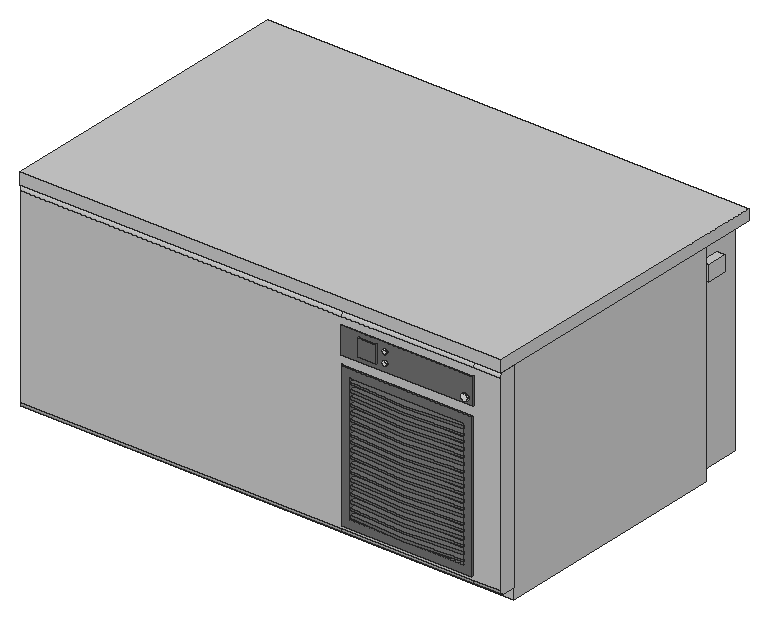
Revit family "QF_HOSHIZAKI_IM-240XWNE-32", category Specialty Equipment, Revit 2016
Family settings
  Part Type = Normal
  Round Connector Dimension = Use Diameter
  OmniClass Number = 23.40.40.14
  OmniClass Title = Food Service Equipment
  Work Plane-Based = No
  Always vertical = Yes
  Cut with Voids When Loaded = No
  Shared = No
  Room Calculation Point = No
Parameters (values of type "IM-240XWNE-32_240V/1Ph/60Hz")
  Weight = 88.00 kg
  Waste Remarks [instance] = ""
  Volts = 240 V
  URL Cutsheet = ""
  URL = "www.hoshizaki-europe.com"
  Status [instance] = ""
  Specification by User [instance] = ""
  Specification by Manufacturer [instance] = ""
  Serial Number = ""
  Seismic Rating = ""
  SMACNA No = ""
  Revision Code [instance] = ""
  Phase = 1
  Number of Poles = 2
  NAFEM Spec ID Number = ""
  Model = "IM-240XWNE-32"
  Min Ckt Ampacity = 0 A
  Max Overcurrent Protection = 0 A
  Masterspec = ""
  Manufacturer = "HOSHIZAKI"
  Length Actual = 1084 mm
  Item Number [instance] = ""
  Installed By [instance] = ""
  Indirect Waste Size = 19.05 mm
  Indirect Waste Connection Type [instance] = ""
  Indirect Waste Connection Height [instance] = 53 mm
  Identify Quantity as Lot [instance] = no
  Height Actual = 500 mm
  HP power = ""
  Furnished By [instance] = ""
  Foodservice Equipment Identifier [instance] = yes
  FL Amps = 20 A
  Electric power = 1330 W
  Electric Connection Type [instance] = ""
  Elec Conn RI Height [instance] = 0 mm
  Elec Conn Connection Height [instance] = 409 mm
  Direct Waste RI Height [instance] = 0 mm
  Description = "MODULAR IM ICE MAKER, 240KG PER 24 HOURS, EXTRA LARGE CUBE, MODULAR - EXTENSION, WATER COOLED"
  Depth Actual = 700 mm
  Cycle = 60 Hz
  Cost = 0
  Conn Plug = ""
  Conn Conduit = no
  Cold Water Temperature Recommended = 0 °C
  Cold Water Size = 19.05 mm
  Cold Water Flow = 0.0 L/s
  Cold Water Connection Height [instance] = 419 mm
  CSI MasterFormat = ""
  Assembly Code = "E1090320"
  Apparent Power = 1330 VA
  Accessory = no
Types (2, lengths in mm): name | Volts | Cycle
  IM-240XWNE-32_230V/1Ph/50Hz | 230 V | 50 Hz
  IM-240XWNE-32_240V/1Ph/60Hz | 240 V | 60 Hz
Reference planes
  plane 1 "Center (Front/Back)": y = 0
  plane 2: z = 0
  plane 3 "Center (Left/Right)": x = 0
Forms (mm)
  Extrusion 1, solid, not visible
    sketch origin (-16, -65, 418) x (1, 0, 0) y (0, 1, 0)
      loop
        line (0, 0) -> (2, 0) -> (2, 2) -> (0, 2) -> (0, 0)
    from 0 to 2
  Extrusion 2, solid, not visible
    sketch origin (-16, -213, 52) x (1, 0, 0) y (0, 1, 0)
      loop
        line (0, 0) -> (2, 0) -> (2, 2) -> (0, 2) -> (0, 0)
    from 0 to 2
  Extrusion 3, solid, not visible
    sketch origin (1073, -77, 408) x (1, 0, 0) y (0, 1, 0)
      loop
        line (0, 0) -> (2, 0) -> (2, 2) -> (0, 2) -> (0, 0)
    from 0 to 2
  Extrusion 4, solid, not visible
    sketch origin (-16, -65, 418) x (1, 0, 0) y (0, 1, 0)
      loop
        line (0, 0) -> (2, 0) -> (2, 2) -> (0, 2) -> (0, 0)
    from 0 to 2
  Extrusion 5, solid, not visible
    sketch origin (-16, -213, 52) x (1, 0, 0) y (0, 1, 0)
      loop
        line (0, 0) -> (2, 0) -> (2, 2) -> (0, 2) -> (0, 0)
    from 0 to 2
  Extrusion 6, solid, not visible
    sketch origin (1073, -77, 408) x (1, 0, 0) y (0, 1, 0)
      loop
        line (0, 0) -> (2, 0) -> (2, 2) -> (0, 2) -> (0, 0)
    from 0 to 2
Dimensions and locks
  aligned and locked: level to plane 2
Nested families
  nested 1: "QF_HOSHIZAKI_IM-240XWNE-32_230V_1Ph_50Hz" at (0, 0, 0), type "IM-240XWNE-32_230V/1Ph/50Hz"
    with Show Clearance yes
Connectors
  piping at (-15, -63, 419), diameter 19.05, driven by "Cold Water Size", driven by "Cold Water Flow"
    settings: on Extrusion 1, index 1, connector inside diameter 609.6 mm, connector length 0 mm, flow factor 0, pipe flow 0.0 L/s, pressure drop 0.0 Pa, fitting loss kfactor 0, connector angle 0.00°, fixture units 0, engagement length 0 mm, angle of deflection 0.00°, flow configuration 1, flow direction 1, fitting loss method 0, system type 20, joint type 0, gender type 0, connector reference index -1, connector utility 0, adjustable connector no, is connector primary yes, connector description "Cold Water connection for 'IM-240XWNE-32'"
  piping at (-15, -211, 53), diameter 19.05, driven by "Indirect Waste Size"
    settings: on Extrusion 2, index 2, connector inside diameter 609.6 mm, connector length 0 mm, flow factor 0, pipe flow 0.0 L/s, pressure drop 0.0 Pa, fitting loss kfactor 0, connector angle 0.00°, fixture units 0, engagement length 0 mm, angle of deflection 0.00°, flow configuration 1, flow direction 2, fitting loss method 0, system type 16, joint type 0, gender type 0, connector reference index -1, connector utility 0, adjustable connector no, is connector primary no, connector description "Drain connection for 'IM-240XWNE-32'"
  electrical at (1074, -75, 409), driven by "Apparent Power", driven by "Number of Poles", driven by "Volts"
    settings: on Extrusion 3, index 3, voltage 240 V, apparent load 0 VA, apparent load phase1 1330 VA, apparent load phase2 0 VA, apparent load phase3 0 VA, power factor 1, load classification "Other", number of poles 2, system type 31, power factor state 1, is connector primary yes, connector utility no, sub classification motor no, connector description "Electric connection for 'IM-240XWNE-32'"
  piping at (-15, -63, 419), diameter 19.05, driven by "Cold Water Size", driven by "Cold Water Flow"
    settings: on Extrusion 4, index 4, connector inside diameter 609.6 mm, connector length 0 mm, flow factor 0, pipe flow 0.0 L/s, pressure drop 0.0 Pa, fitting loss kfactor 0, connector angle 0.00°, fixture units 0, engagement length 0 mm, angle of deflection 0.00°, flow configuration 1, flow direction 1, fitting loss method 0, system type 20, joint type 0, gender type 0, connector reference index -1, connector utility 0, adjustable connector no, is connector primary no, connector description "Cold Water connection for 'IM-240XWNE-32'"
  piping at (-15, -211, 53), diameter 19.05, driven by "Indirect Waste Size"
    settings: on Extrusion 5, index 5, connector inside diameter 609.6 mm, connector length 0 mm, flow factor 0, pipe flow 0.0 L/s, pressure drop 0.0 Pa, fitting loss kfactor 0, connector angle 0.00°, fixture units 0, engagement length 0 mm, angle of deflection 0.00°, flow configuration 1, flow direction 2, fitting loss method 0, system type 16, joint type 0, gender type 0, connector reference index -1, connector utility 0, adjustable connector no, is connector primary no, connector description "Drain connection for 'IM-240XWNE-32'"
  electrical at (1074, -75, 409), driven by "Apparent Power", driven by "Number of Poles", driven by "Volts"
    settings: on Extrusion 6, index 6, voltage 240 V, apparent load 0 VA, apparent load phase1 1330 VA, apparent load phase2 0 VA, apparent load phase3 0 VA, power factor 1, load classification "Other", number of poles 2, system type 31, power factor state 1, is connector primary no, connector utility no, sub classification motor no, connector description "Electric connection for 'IM-240XWNE-32'"
Definition of nested family "QF_HOSHIZAKI_IM-240XWNE-32_230V_1Ph_50Hz"
  Parameters (values of type "IM-240XWNE-32_230V/1Ph/50Hz")
    Width = 1084 mm
    URL = "www.hoshizaki-europe.com"
    Show Clearance [instance] = yes
    Model = "IM-240XWNE-32"
    Manufacturer = "HOSHIZAKI"
    Height = 500 mm
    Description = "MODULAR IM ICE MAKER, 240KG PER 24 HOURS, EXTRA LARGE CUBE, MODULAR - EXTENSION, WATER COOLED"
    Depth = 700 mm
    Assembly Code = "E1090320"
  Types (31, lengths in mm): name | Width | Model | Height | Description | Depth
    IM-240DNE-HC | 1084 | "IM-240DNE-HC" | 500 | "EMERALD CLASS IM HYDROCARBON ICE MAKER, 210KG PER 24 HOURS, LARGE CUBE, MODULAR - HORIZONTAL" | 700
    IM-240XNE-HC | 1084 | "IM-240XNE-HC" | 500 | "EMERALD CLASS IM HYDROCARBON ICE MAKER, 210KG PER 24 HOURS, LARGE CUBE, MODULAR - EXTENSION" | 700
    IM-240DNE | 1084 | "IM-240DNE" | 500 | "MODULAR IM ICE MAKER, 240KG PER 24 HOURS, LARGE CUBE, MODULAR - HORIZONTAL" | 700
    IM-240DNE-21 | 1084 | "IM-240DNE-21" | 500 | "MODULAR IM ICE MAKER, 240KG PER 24 HOURS, EXTRA SMALL CUBE, MODULAR - HORIZONTAL" | 700
    IM-240DNE-23 | 1084 | "IM-240DNE-23" | 500 | "MODULAR IM ICE MAKER, 240KG PER 24 HOURS, MEDIUM CUBE, MODULAR - HORIZONTAL" | 700
    IM-240DNE-32 | 1084 | "IM-240DNE-32" | 500 | "MODULAR IM ICE MAKER, 240KG PER 24 HOURS, EXTRA LARGE CUBE, MODULAR - HORIZONTAL" | 700
    IM-240DSNE | 1084 | "IM-240DSNE" | 500 | "MODULAR IM ICE MAKER, 240KG PER 24 HOURS, LARGE CUBE, REMOTE CONDENSER" | 700
    IM-240DSNE-23 | 1084 | "IM-240DSNE-23" | 500 | "MODULAR IM ICE MAKER, 240KG PER 24 HOURS, MEDIUM CUBE, REMOTE CONDENSER" | 700
    IM-240DWNE | 1084 | "IM-240DWNE" | 500 | "MODULAR IM ICE MAKER, 240KG PER 24 HOURS, LARGE CUBE, MODULAR - HORIZONTAL, WATER COOLED" | 700
    IM-240DWNE-21 | 1084 | "IM-240DWNE-21" | 500 | "MODULAR IM ICE MAKER, 240KG PER 24 HOURS, EXTRA SMALL CUBE, MODULAR - HORIZONTAL, WATER COOLED" | 700
    IM-240DWNE-23 | 1084 | "IM-240DWNE-23" | 500 | "MODULAR IM ICE MAKER, 240KG PER 24 HOURS, MEDIUM CUBE, MODULAR - HORIZONTAL, WATER COOLED" | 700
    IM-240DWNE-32 | 1084 | "IM-240DWNE-32" | 500 | "MODULAR IM ICE MAKER, 240KG PER 24 HOURS, EXTRA LARGE CUBE, MODULAR - HORIZONTAL, WATER COOLED" | 700
    IM-240XNE | 1084 | "IM-240XNE" | 500 | "MODULAR IM ICE MAKER, 240KG PER 24 HOURS, LARGE CUBE, MODULAR - EXTENSION" | 700
    IM-240XNE-21 | 1084 | "IM-240XNE-21" | 500 | "MODULAR IM ICE MAKER, 240KG PER 24 HOURS, EXTRA SMALL CUBE, MODULAR - EXTENSION" | 700
    IM-240XNE-23 | 1084 | "IM-240XNE-23" | 500 | "MODULAR IM ICE MAKER, 240KG PER 24 HOURS, MEDIUM CUBE, MODULAR - EXTENSION" | 700
    IM-240XNE-32 | 1084 | "IM-240XNE-32" | 500 | "MODULAR IM ICE MAKER, 240KG PER 24 HOURS, EXTRA LARGE CUBE, MODULAR - EXTENSION" | 700
    IM-240XSNE | 1084 | "IM-240XSNE" | 500 | "MODULAR IM ICE MAKER, 240KG PER 24 HOURS, LARGE CUBE, MODULAR - EXTENSION, REMOTE CONDENSER" | 700
    IM-240XSNE-23 | 1084 | "IM-240XSNE-23" | 500 | "MODULAR IM ICE MAKER, 240KG PER 24 HOURS, MEDIUM CUBE, MODULAR - EXTENSION, REMOTE CONDENSER" | 700
    IM-240XWNE | 1084 | "IM-240XWNE" | 500 | "MODULAR IM ICE MAKER, 240KG PER 24 HOURS, LARGE CUBE, MODULAR - EXTENSION, WATER COOLED" | 700
    IM-240XWNE-21 | 1084 | "IM-240XWNE-21" | 500 | "MODULAR IM ICE MAKER, 240KG PER 24 HOURS, EXTRA SMALL CUBE, MODULAR - EXTENSION, WATER COOLED" | 700
    IM-240XWNE-23 | 1084 | "IM-240XWNE-23" | 500 | "MODULAR IM ICE MAKER, 240KG PER 24 HOURS, MEDIUM CUBE, MODULAR - EXTENSION, WATER COOLED" | 700
    IM-240XWNE-32_230V/1Ph/50Hz | 1084 | "IM-240XWNE-32" | 500 | "MODULAR IM ICE MAKER, 240KG PER 24 HOURS, EXTRA LARGE CUBE, MODULAR - EXTENSION, WATER COOLED" | 700
    IM-240DNE-C | 1084 | "IM-240DNE-C" | 500 | "IM CYLINDER ICE MAKER, 240KG PER 24 HOURS, CYLINDER ICE, MODULAR - HORIZONTAL" | 700
    IM-240DWNE-C | 1084 | "IM-240DWNE-C" | 500 | "IM CYLINDER ICE MAKER, 240KG PER 24 HOURS, CYLINDER ICE, MODULAR - HORIZONTAL, WATER COOLED" | 700
    IM-240XNE-C | 1084 | "IM-240XNE-C" | 500 | "IM CYLINDER ICE MAKER, 240KG PER 24 HOURS, CYLINDER ICE, MODULAR - EXTENSION" | 700
    IM-240XWNE-C | 1084 | "IM-240XWNE-C" | 500 | "IM CYLINDER ICE MAKER, 240KG PER 24 HOURS, CYLINDER ICE, MODULAR - EXTENSION, WATER COOLED" | 700
    IM-240DNE-HC-23 | 1084 | "IM-240DNE-HC-23" | 500 | "EMERALD CLASS IM HYDROCARBON ICE MAKER, 180KG PER 24 HOURS, MEDIUM CUBE, MODULAR - EXTENSION" | 700
    IM-240DNE-HC-32 | 1084 | "IM-240DNE-HC-32" | 500 | "EMERALD CLASS IM HYDROCARBON ICE MAKER, 190KG PER 24 HOURS, EXTRA LARGE CUBE, MODULAR - EXTENSION" | 700
    IM-240XNE-HC-23 | 1082 | "IM-240XNE-HC-23" | 485 | "EMERALD CLASS IM HYDROCARBON ICE MAKER, 180KG PER 24 HOURS, MEDIUM CUBE, MODULAR - EXTENSION" | 697
    IM-240XNE-HC-32 | 1082 | "IM-240XNE-HC-32" | 485 | "EMERALD CLASS IM HYDROCARBON ICE MAKER, 190KG PER 24 HOURS, EXTRA LARGE CUBE, MODULAR - EXTENSION" | 697
    IM-240DNE-HC-21 | 1084 | "IM-240DNE-HC-21" | 500 | "EMERALD CLASS IM HYDROCARBON ICE MAKER, 205KG PER 24 HOURS, EXTRA SMALL CUBE, MODULAR - EXTENSION" | 700
  Reference planes
    plane 1 "Back": y = 0
    plane 2: z = 0
    plane 3 "Left": x = 0
    plane 4 "Right": x = 1084
    plane 5 "Front": y = -700
    plane 6 "Top": z = 500
    plane 7: y = -702
    plane 8: z = 488
  Forms (mm)
    Extrusion 1, solid
      sketch origin (166.25, -249, 193) x (0, 1, 0) y (0, 0, 1)
        loop
          line (-414, -170) -> (-414, 280) -> (-441, 280)
          arc (-441, 280) -> (-448.071, 277.071) -> (-451, 270) r 10
          line (-451, 270) -> (-451, -160)
          arc (-451, -160) -> (-448.071, -167.071) -> (-441, -170) r 10
          line (-441, -170) -> (-414, -170)
      from 559.75 to -166.25
    Extrusion 2, solid
      sketch origin (-20, -211, 53) x (0, 1, 0) y (0, 0, 1)
        loop
          circle (0, 0) r 14
        loop
          circle (0, 0) r 12
      from 0 to 20
    Extrusion 3, solid
      sketch origin (-16, -63, 419) x (0, 1, 0) y (0, 0, 1)
        loop
          circle (0, 0) r 14
        loop
          circle (0, 0) r 12
      from 0 to 16
    Extrusion 4, solid
      sketch origin (1024, -249, 193) x (0, 1, 0) y (0, 0, 1)
        loop
          line (-414, -170) -> (-414, 280) -> (-441, 280)
          arc (-441, 280) -> (-448.071, 277.071) -> (-451, 270) r 10
          line (-451, 270) -> (-451, -160)
          arc (-451, -160) -> (-448.071, -167.071) -> (-441, -170) r 10
          line (-441, -170) -> (-414, -170)
      from 0 to 60
    Extrusion 5, solid
      sketch origin (726, -249, 193) x (0, 1, 0) y (0, 0, 1)
        loop
          line (-414, -170) -> (-414, -153) -> (-451, -153) -> (-451, -160)
          arc (-451, -160) -> (-448.071, -167.071) -> (-441, -170) r 10
          line (-441, -170) -> (-414, -170)
        loop
          line (-451, 270) -> (-451, 174) -> (-414, 174) -> (-414, 280) -> (-441, 280)
          arc (-441, 280) -> (-448.071, 277.071) -> (-451, 270) r 10
      from 0 to 298
    Extrusion 6, solid
      sketch origin (568.75, -852, 28) x (1, 0, 0) y (0, 0, 1)
        loop
          line (159.25, 337) -> (159.25, 14) -> (453.25, 14) -> (453.25, 337) -> (159.25, 337)
        loop
          line (177.25, 319) -> (177.25, 32) -> (435.25, 32) -> (435.25, 319) -> (177.25, 319)
      from -150 to -160
    Extrusion 7, solid
      sketch origin (568.75, -249, 170) x (1, 0, 0) y (0, 1, 0)
        loop
          line (177.25, -443) -> (177.25, -454.474)
          arc (177.25, -454.474) -> (306.295, -461.632) -> (435.25, -453) r 1057.927
          line (435.25, -453) -> (435.25, -443) -> (177.25, -443)
      from 0 to 5
    Extrusion 8, solid
      sketch origin (568.75, -249, 185) x (1, 0, 0) y (0, 1, 0)
        loop
          line (177.25, -443) -> (177.25, -454.474)
          arc (177.25, -454.474) -> (306.295, -461.632) -> (435.25, -453) r 1057.927
          line (435.25, -453) -> (435.25, -443) -> (177.25, -443)
      from 0 to 5
    Extrusion 9, solid
      sketch origin (568.75, -249, 200) x (1, 0, 0) y (0, 1, 0)
        loop
          line (177.25, -443) -> (177.25, -454.474)
          arc (177.25, -454.474) -> (306.295, -461.632) -> (435.25, -453) r 1057.927
          line (435.25, -453) -> (435.25, -443) -> (177.25, -443)
      from 0 to 5
    Extrusion 10, solid
      sketch origin (568.75, -249, 215) x (1, 0, 0) y (0, 1, 0)
        loop
          line (177.25, -443) -> (177.25, -454.474)
          arc (177.25, -454.474) -> (306.295, -461.632) -> (435.25, -453) r 1057.927
          line (435.25, -453) -> (435.25, -443) -> (177.25, -443)
      from 0 to 5
    Extrusion 11, solid
      sketch origin (568.75, -249, 230) x (1, 0, 0) y (0, 1, 0)
        loop
          line (177.25, -443) -> (177.25, -454.474)
          arc (177.25, -454.474) -> (306.295, -461.632) -> (435.25, -453) r 1057.927
          line (435.25, -453) -> (435.25, -443) -> (177.25, -443)
      from 0 to 5
    Extrusion 12, solid
      sketch origin (568.75, -249, 245) x (1, 0, 0) y (0, 1, 0)
        loop
          line (177.25, -443) -> (177.25, -454.474)
          arc (177.25, -454.474) -> (306.295, -461.632) -> (435.25, -453) r 1057.927
          line (435.25, -453) -> (435.25, -443) -> (177.25, -443)
      from 0 to 5
    Extrusion 13, solid
      sketch origin (568.75, -249, 260) x (1, 0, 0) y (0, 1, 0)
        loop
          line (177.25, -443) -> (177.25, -454.474)
          arc (177.25, -454.474) -> (306.295, -461.632) -> (435.25, -453) r 1057.927
          line (435.25, -453) -> (435.25, -443) -> (177.25, -443)
      from 0 to 5
    Extrusion 14, solid
      sketch origin (568.75, -249, 275) x (1, 0, 0) y (0, 1, 0)
        loop
          line (177.25, -443) -> (177.25, -454.474)
          arc (177.25, -454.474) -> (306.295, -461.632) -> (435.25, -453) r 1057.927
          line (435.25, -453) -> (435.25, -443) -> (177.25, -443)
      from 0 to 5
    Extrusion 15, solid
      sketch origin (568.75, -249, 290) x (1, 0, 0) y (0, 1, 0)
        loop
          line (177.25, -443) -> (177.25, -454.474)
          arc (177.25, -454.474) -> (306.295, -461.632) -> (435.25, -453) r 1057.927
          line (435.25, -453) -> (435.25, -443) -> (177.25, -443)
      from 0 to 5
    Extrusion 16, solid
      sketch origin (568.75, -249, 305) x (1, 0, 0) y (0, 1, 0)
        loop
          line (177.25, -443) -> (177.25, -454.474)
          arc (177.25, -454.474) -> (306.295, -461.632) -> (435.25, -453) r 1057.927
          line (435.25, -453) -> (435.25, -443) -> (177.25, -443)
      from 0 to 5
    Extrusion 17, solid
      sketch origin (568.75, -249, 320) x (1, 0, 0) y (0, 1, 0)
        loop
          line (177.25, -443) -> (177.25, -454.474)
          arc (177.25, -454.474) -> (306.295, -461.632) -> (435.25, -453) r 1057.927
          line (435.25, -453) -> (435.25, -443) -> (177.25, -443)
      from 0 to 5
    Extrusion 18, solid
      sketch origin (568.75, -249, 335) x (1, 0, 0) y (0, 1, 0)
        loop
          line (177.25, -443) -> (177.25, -454.474)
          arc (177.25, -454.474) -> (306.295, -461.632) -> (435.25, -453) r 1057.927
          line (435.25, -453) -> (435.25, -443) -> (177.25, -443)
      from 0 to 5
    Extrusion 19, solid
      sketch origin (568.75, -249, 110) x (1, 0, 0) y (0, 1, 0)
        loop
          line (177.25, -443) -> (177.25, -454.474)
          arc (177.25, -454.474) -> (306.295, -461.632) -> (435.25, -453) r 1057.927
          line (435.25, -453) -> (435.25, -443) -> (177.25, -443)
      from 0 to 5
    Extrusion 20, solid
      sketch origin (568.75, -249, 125) x (1, 0, 0) y (0, 1, 0)
        loop
          line (177.25, -443) -> (177.25, -454.474)
          arc (177.25, -454.474) -> (306.295, -461.632) -> (435.25, -453) r 1057.927
          line (435.25, -453) -> (435.25, -443) -> (177.25, -443)
      from 0 to 5
    Extrusion 21, solid
      sketch origin (568.75, -249, 140) x (1, 0, 0) y (0, 1, 0)
        loop
          line (177.25, -443) -> (177.25, -454.474)
          arc (177.25, -454.474) -> (306.295, -461.632) -> (435.25, -453) r 1057.927
          line (435.25, -453) -> (435.25, -443) -> (177.25, -443)
      from 0 to 5
    Extrusion 22, solid
      sketch origin (568.75, -249, 155) x (1, 0, 0) y (0, 1, 0)
        loop
          line (177.25, -443) -> (177.25, -454.474)
          arc (177.25, -454.474) -> (306.295, -461.632) -> (435.25, -453) r 1057.927
          line (435.25, -453) -> (435.25, -443) -> (177.25, -443)
      from 0 to 5
    Extrusion 23, solid
      sketch origin (568.75, -249, 65) x (1, 0, 0) y (0, 1, 0)
        loop
          line (177.25, -443) -> (177.25, -454.474)
          arc (177.25, -454.474) -> (306.295, -461.632) -> (435.25, -453) r 1057.927
          line (435.25, -453) -> (435.25, -443) -> (177.25, -443)
      from 0 to 5
    Extrusion 24, solid
      sketch origin (568.75, -249, 80) x (1, 0, 0) y (0, 1, 0)
        loop
          line (177.25, -443) -> (177.25, -454.474)
          arc (177.25, -454.474) -> (306.295, -461.632) -> (435.25, -453) r 1057.927
          line (435.25, -453) -> (435.25, -443) -> (177.25, -443)
      from 0 to 5
    Extrusion 25, solid
      sketch origin (568.75, -249, 95) x (1, 0, 0) y (0, 1, 0)
        loop
          line (177.25, -443) -> (177.25, -454.474)
          arc (177.25, -454.474) -> (306.295, -461.632) -> (435.25, -453) r 1057.927
          line (435.25, -453) -> (435.25, -443) -> (177.25, -443)
      from 0 to 5
    Extrusion 26, solid
      sketch origin (0, -700, -10) x (1, 0, 0) y (0, 0, 1)
        loop
          line (726, 397) -> (1024, 397) -> (1024, 457) -> (726, 457) -> (726, 397)
      from 0 to 2
    Extrusion 27, solid
      sketch origin (0, -702, 0) x (1, 0, 0) y (0, 0, 1)
        loop
          line (766.139, 436.277) -> (766.139, 396.277) -> (806.139, 396.277) -> (806.139, 436.277) -> (766.139, 436.277)
      from 0 to 2
    Extrusion 28, solid
      sketch origin (0, -702, 0) x (1, 0, 0) y (0, 0, 1)
        loop
          circle (825.63, 428.086) r 5
        loop
          circle (825.63, 404.468) r 5
      from 0 to 2
    Extrusion 29, solid
      sketch origin (0, -702, 0) x (1, 0, 0) y (0, 0, 1)
        loop
          circle (1006.481, 399.95) r 7.5
      from 3 to 0
    Extrusion 30, solid
      sketch origin (0, 0, 0) x (1, 0, 0) y (0, 1, 0)
        loop
          line (0, 0) -> (0, -663) -> (1084, -663) -> (1084, -120) -> (1054, -120) -> (1054, 0) -> (0, 0)
      from 0 to 475
    Extrusion 31, solid
      sketch origin (0, 0, 0) x (1, 0, 0) y (0, 1, 0)
        loop
          line (0, 0) -> (0, -700) -> (1084, -700) -> (1084, 0) -> (0, 0)
      from 500 to 475
    Extrusion 32, solid
      sketch origin (1254, 1.923, 57.766) x (0, 1, 0) y (0, 0, 1)
        loop
          line (-101.026, 368.734) -> (-101.026, 333.734) -> (-54.923, 333.734) -> (-54.923, 368.734) -> (-101.026, 368.734)
      from -180 to -200
  Cuts and joins
    joined: Extrusion 1, Extrusion 4, Extrusion 5
  Lines and regions (mm)
    symbolic lines
      curve 1: line (0, 0, 0) -> (1084, 0, 0)
      curve 2: line (0, -700, 0) -> (0, 0, 0)
      curve 3: line (1084, -700, 0) -> (0, -700, 0)
      curve 4: line (1084, 0, 0) -> (1084, -700, 0)
      curve 5: line (-16, -49, 0) -> (0, -49, 0)
      curve 6: line (-16, -49, 0) -> (-16, -77, 0)
      curve 7: line (-16, -77, 0) -> (0, -77, 0)
      curve 8: line (-20, -197, 0) -> (0, -197, 0)
      curve 9: line (-20, -197, 0) -> (-20, -225, 0)
      curve 10: line (-20, -225, 0) -> (0, -225, 0)
  Dimensions and locks
    plane 5 "Front" to Extrusion 30 = 700 mm
    locked: Extrusion 30 sketch curve to curve 4 at 30
    locked: Extrusion 30 to Extrusion 32 at 20
    "Width": plane 4 "Right" to plane 3 "Left"
    locked: Extrusion 28 to Extrusion 27 at 2
    locked: plane 5 "Front" to Extrusion 26 at 2
    Extrusion 29 to Extrusion 28 = 0 mm
    locked: plane 5 "Front" to Extrusion 6 at 8
    locked: plane 7 to plane 5 "Front" at 2
    "Depth": plane 5 "Front" to plane 1 "Back"
    locked: plane 5 "Front" to Extrusion 29 at 5
    locked: Extrusion 31 to plane 6 "Top" at 25
    cut or joined group of Extrusion 1, Extrusion 4, Extrusion 5 to plane 8 to plane 6 "Top" = 15 mm, 12 mm
    "Height": plane 6 "Top" to level
    aligned and locked: level to plane 2
    aligned and locked: Extrusion 31 to plane 4 "Right"
    aligned and locked: Extrusion 32 to Extrusion 30
    aligned and locked: Extrusion 4 to plane 4 "Right"
    aligned and locked: Extrusion 4 to Extrusion 5  (x2)
    aligned and locked: plane 4 "Right" to curve 4
    aligned and locked: Extrusion 31 to plane 5 "Front"
    aligned and locked: Extrusion 1 sketch curve to plane 5 "Front"
    aligned and locked: Extrusion 27 to Extrusion 26
    aligned and locked: plane 5 "Front" to Extrusion 26
    aligned and locked: Extrusion 28 to Extrusion 26
    aligned and locked: plane 7 to Extrusion 6
    aligned and locked: Extrusion 29 to Extrusion 26
    aligned and locked: plane 6 "Top" to Extrusion 31
    aligned and locked: Extrusion 30 to Extrusion 31
  Automatic sketch dimensions
    Extrusion 2 sketch curve to Extrusion 2 sketch curve = 0 mm  (x2)
    level to Extrusion 2 sketch curve = 53 mm
    plane 1 "Back" to Extrusion 2 sketch curve = 211 mm
    Extrusion 3 sketch curve to Extrusion 3 sketch curve = 0 mm  (x2)
    plane 1 "Back" to Extrusion 3 sketch curve = 63 mm
    Extrusion 3 sketch curve to plane 6 "Top" = 81 mm
    Extrusion 4 sketch curve to plane 5 "Front" = 0 mm
    Extrusion 4 sketch curve to Extrusion 4 sketch curve = 10 mm
    plane 5 "Front" to Extrusion 4 sketch curve = 10 mm
    Extrusion 4 sketch curve to Extrusion 4 sketch curve = 27 mm
    level to Extrusion 4 sketch curve = 23 mm
    Extrusion 4 sketch curve to plane 6 "Top" = 37 mm
    Extrusion 5 sketch curve to plane 5 "Front" = 0 mm  (x2)
    plane 5 "Front" to Extrusion 5 sketch curve = 10 mm  (x2)
    Extrusion 5 sketch curve to Extrusion 5 sketch curve = 27 mm  (x2)
    level to Extrusion 5 sketch curve = 23 mm
    Extrusion 5 sketch curve to Extrusion 5 sketch curve = 7 mm
    Extrusion 5 sketch curve to plane 6 "Top" = 133 mm
    Extrusion 5 sketch curve to plane 6 "Top" = 37 mm
    level to Extrusion 6 sketch curve = 42 mm
    plane 4 "Right" to Extrusion 6 sketch curve = 356 mm
    Extrusion 6 sketch curve to Extrusion 6 sketch curve = 18 mm  (x4)
    plane 4 "Right" to Extrusion 6 sketch curve = 80 mm
    Extrusion 6 sketch curve to plane 6 "Top" = 153 mm
    plane 5 "Front" to Extrusion 7 sketch curve = 8 mm
    plane 4 "Right" to Extrusion 7 sketch curve = 338 mm
    plane 4 "Right" to Extrusion 7 sketch curve = 215 mm
    plane 4 "Right" to Extrusion 7 sketch curve = 80 mm
    Extrusion 7 sketch curve to plane 5 "Front" = 2 mm
    Extrusion 7 sketch curve to Extrusion 7 sketch curve = 11.474 mm
    plane 5 "Front" to Extrusion 8 sketch curve = 8 mm
    plane 4 "Right" to Extrusion 8 sketch curve = 338 mm
    plane 4 "Right" to Extrusion 8 sketch curve = 215 mm
    plane 4 "Right" to Extrusion 8 sketch curve = 80 mm
    Extrusion 8 sketch curve to plane 5 "Front" = 2 mm
    Extrusion 8 sketch curve to Extrusion 8 sketch curve = 11.474 mm
    plane 5 "Front" to Extrusion 9 sketch curve = 8 mm
    plane 4 "Right" to Extrusion 9 sketch curve = 338 mm
    plane 4 "Right" to Extrusion 9 sketch curve = 215 mm
    plane 4 "Right" to Extrusion 9 sketch curve = 80 mm
    Extrusion 9 sketch curve to plane 5 "Front" = 2 mm
    Extrusion 9 sketch curve to Extrusion 9 sketch curve = 11.474 mm
    plane 5 "Front" to Extrusion 10 sketch curve = 8 mm
    plane 4 "Right" to Extrusion 10 sketch curve = 338 mm
    plane 4 "Right" to Extrusion 10 sketch curve = 215 mm
    plane 4 "Right" to Extrusion 10 sketch curve = 80 mm
    Extrusion 10 sketch curve to plane 5 "Front" = 2 mm
    Extrusion 10 sketch curve to Extrusion 10 sketch curve = 11.474 mm
    plane 5 "Front" to Extrusion 11 sketch curve = 8 mm
    plane 4 "Right" to Extrusion 11 sketch curve = 338 mm
    plane 4 "Right" to Extrusion 11 sketch curve = 215 mm
    plane 4 "Right" to Extrusion 11 sketch curve = 80 mm
    Extrusion 11 sketch curve to plane 5 "Front" = 2 mm
    Extrusion 11 sketch curve to Extrusion 11 sketch curve = 11.474 mm
    plane 5 "Front" to Extrusion 12 sketch curve = 8 mm
    plane 4 "Right" to Extrusion 12 sketch curve = 338 mm
    plane 4 "Right" to Extrusion 12 sketch curve = 215 mm
    plane 4 "Right" to Extrusion 12 sketch curve = 80 mm
    Extrusion 12 sketch curve to plane 5 "Front" = 2 mm
    Extrusion 12 sketch curve to Extrusion 12 sketch curve = 11.474 mm
    plane 5 "Front" to Extrusion 13 sketch curve = 8 mm
    plane 4 "Right" to Extrusion 13 sketch curve = 338 mm
    plane 4 "Right" to Extrusion 13 sketch curve = 215 mm
    plane 4 "Right" to Extrusion 13 sketch curve = 80 mm
    Extrusion 13 sketch curve to plane 5 "Front" = 2 mm
    Extrusion 13 sketch curve to Extrusion 13 sketch curve = 11.474 mm
    plane 5 "Front" to Extrusion 14 sketch curve = 8 mm
    plane 4 "Right" to Extrusion 14 sketch curve = 338 mm
    plane 4 "Right" to Extrusion 14 sketch curve = 215 mm
    plane 4 "Right" to Extrusion 14 sketch curve = 80 mm
    Extrusion 14 sketch curve to plane 5 "Front" = 2 mm
    Extrusion 14 sketch curve to Extrusion 14 sketch curve = 11.474 mm
    plane 5 "Front" to Extrusion 15 sketch curve = 8 mm
    plane 4 "Right" to Extrusion 15 sketch curve = 338 mm
    plane 4 "Right" to Extrusion 15 sketch curve = 215 mm
    plane 4 "Right" to Extrusion 15 sketch curve = 80 mm
    Extrusion 15 sketch curve to plane 5 "Front" = 2 mm
    Extrusion 15 sketch curve to Extrusion 15 sketch curve = 11.474 mm
    plane 5 "Front" to Extrusion 16 sketch curve = 8 mm
    plane 4 "Right" to Extrusion 16 sketch curve = 338 mm
    plane 4 "Right" to Extrusion 16 sketch curve = 215 mm
    plane 4 "Right" to Extrusion 16 sketch curve = 80 mm
    Extrusion 16 sketch curve to plane 5 "Front" = 2 mm
    Extrusion 16 sketch curve to Extrusion 16 sketch curve = 11.474 mm
    plane 5 "Front" to Extrusion 17 sketch curve = 8 mm
    plane 4 "Right" to Extrusion 17 sketch curve = 338 mm
    plane 4 "Right" to Extrusion 17 sketch curve = 215 mm
    plane 4 "Right" to Extrusion 17 sketch curve = 80 mm
    Extrusion 17 sketch curve to plane 5 "Front" = 2 mm
    Extrusion 17 sketch curve to Extrusion 17 sketch curve = 11.474 mm
    plane 5 "Front" to Extrusion 18 sketch curve = 8 mm
    plane 4 "Right" to Extrusion 18 sketch curve = 338 mm
    plane 4 "Right" to Extrusion 18 sketch curve = 215 mm
    plane 4 "Right" to Extrusion 18 sketch curve = 80 mm
    Extrusion 18 sketch curve to plane 5 "Front" = 2 mm
    Extrusion 18 sketch curve to Extrusion 18 sketch curve = 11.474 mm
    plane 5 "Front" to Extrusion 19 sketch curve = 8 mm
    plane 4 "Right" to Extrusion 19 sketch curve = 338 mm
    plane 4 "Right" to Extrusion 19 sketch curve = 215 mm
    plane 4 "Right" to Extrusion 19 sketch curve = 80 mm
    Extrusion 19 sketch curve to plane 5 "Front" = 2 mm
    Extrusion 19 sketch curve to Extrusion 19 sketch curve = 11.474 mm
    plane 5 "Front" to Extrusion 20 sketch curve = 8 mm
    plane 4 "Right" to Extrusion 20 sketch curve = 338 mm
    plane 4 "Right" to Extrusion 20 sketch curve = 215 mm
    plane 4 "Right" to Extrusion 20 sketch curve = 80 mm
    Extrusion 20 sketch curve to plane 5 "Front" = 2 mm
    Extrusion 20 sketch curve to Extrusion 20 sketch curve = 11.474 mm
    plane 5 "Front" to Extrusion 21 sketch curve = 8 mm
    plane 4 "Right" to Extrusion 21 sketch curve = 338 mm
    plane 4 "Right" to Extrusion 21 sketch curve = 215 mm
    plane 4 "Right" to Extrusion 21 sketch curve = 80 mm
    Extrusion 21 sketch curve to plane 5 "Front" = 2 mm
    Extrusion 21 sketch curve to Extrusion 21 sketch curve = 11.474 mm
    plane 5 "Front" to Extrusion 22 sketch curve = 8 mm
    plane 4 "Right" to Extrusion 22 sketch curve = 338 mm
    plane 4 "Right" to Extrusion 22 sketch curve = 215 mm
    plane 4 "Right" to Extrusion 22 sketch curve = 80 mm
    Extrusion 22 sketch curve to plane 5 "Front" = 2 mm
    Extrusion 22 sketch curve to Extrusion 22 sketch curve = 11.474 mm
    plane 5 "Front" to Extrusion 23 sketch curve = 8 mm
    plane 4 "Right" to Extrusion 23 sketch curve = 338 mm
    plane 4 "Right" to Extrusion 23 sketch curve = 215 mm
    plane 4 "Right" to Extrusion 23 sketch curve = 80 mm
    Extrusion 23 sketch curve to plane 5 "Front" = 2 mm
    Extrusion 23 sketch curve to Extrusion 23 sketch curve = 11.474 mm
    plane 5 "Front" to Extrusion 24 sketch curve = 8 mm
    plane 4 "Right" to Extrusion 24 sketch curve = 338 mm
    plane 4 "Right" to Extrusion 24 sketch curve = 215 mm
    plane 4 "Right" to Extrusion 24 sketch curve = 80 mm
    Extrusion 24 sketch curve to plane 5 "Front" = 2 mm
    Extrusion 24 sketch curve to Extrusion 24 sketch curve = 11.474 mm
    plane 5 "Front" to Extrusion 25 sketch curve = 8 mm
    plane 4 "Right" to Extrusion 25 sketch curve = 338 mm
    plane 4 "Right" to Extrusion 25 sketch curve = 215 mm
    plane 4 "Right" to Extrusion 25 sketch curve = 80 mm
    Extrusion 25 sketch curve to plane 5 "Front" = 2 mm
    Extrusion 25 sketch curve to Extrusion 25 sketch curve = 11.474 mm
    Extrusion 26 sketch curve to plane 6 "Top" = 53 mm
    plane 4 "Right" to Extrusion 26 sketch curve = 358 mm
    plane 4 "Right" to Extrusion 26 sketch curve = 60 mm
    Extrusion 26 sketch curve to Extrusion 26 sketch curve = 60 mm
    Extrusion 27 sketch curve to plane 6 "Top" = 103.723 mm
    plane 4 "Right" to Extrusion 27 sketch curve = 317.861 mm
    Extrusion 27 sketch curve to Extrusion 27 sketch curve = 40 mm  (x2)
    Extrusion 28 sketch curve to plane 6 "Top" = 95.532 mm
    plane 4 "Right" to Extrusion 28 sketch curve = 258.37 mm
    Extrusion 28 sketch curve to Extrusion 28 sketch curve = 0 mm
    Extrusion 28 sketch curve to Extrusion 28 sketch curve = 23.618 mm
    plane 4 "Right" to Extrusion 29 sketch curve = 77.519 mm
    Extrusion 29 sketch curve to plane 6 "Top" = 100.05 mm
    Extrusion 30 sketch curve to plane 3 "Left" = 0 mm
    Extrusion 30 sketch curve to plane 4 "Right" = 0 mm
    plane 1 "Back" to Extrusion 30 sketch curve = 0 mm
    plane 1 "Back" to Extrusion 30 sketch curve = 120 mm
    plane 5 "Front" to Extrusion 30 sketch curve = 37 mm
    Extrusion 31 sketch curve to plane 3 "Left" = 0 mm
    Extrusion 31 sketch curve to plane 4 "Right" = 0 mm
    Extrusion 31 sketch curve to plane 5 "Front" = 0 mm
    plane 1 "Back" to Extrusion 31 sketch curve = 0 mm
    plane 1 "Back" to Extrusion 32 sketch curve = 99.103 mm
    Extrusion 32 sketch curve to Extrusion 32 sketch curve = 46.103 mm
    Extrusion 32 sketch curve to plane 6 "Top" = 108.5 mm
    Extrusion 32 sketch curve to Extrusion 32 sketch curve = 35 mm
    curve 5 to plane 3 "Left" = 0 mm
    curve 3 to plane 5 "Front" = 0 mm
    plane 1 "Back" to curve 2 = 0 mm
    curve 6 to plane 3 "Left" = 16 mm
    curve 8 to plane 3 "Left" = 20 mm
    plane 1 "Back" to curve 9 = 225 mm
    curve 9 to curve 9 = 28 mm
    plane 1 "Back" to curve 6 = 77 mm
    curve 6 to curve 5 = 28 mm
    plane 5 "Front" to Extrusion 1 sketch curve = 10 mm  (x2)
    Extrusion 1 sketch curve to Extrusion 1 sketch curve = 27 mm
    level to Extrusion 1 sketch curve = 23 mm
    Extrusion 1 sketch curve to plane 6 "Top" = 37 mm
    radius of Extrusion 2 sketch curve = 14 mm
    radius of Extrusion 2 sketch curve = 12 mm
    radius of Extrusion 3 sketch curve = 14 mm
    radius of Extrusion 3 sketch curve = 12 mm
    radius of Extrusion 28 sketch curve = 5 mm  (x2)
    radius of Extrusion 29 sketch curve = 7.5 mm
  Connectors
    piping at (-20, -211, 53), diameter 19.05
      settings: on Extrusion 2, index 1, connector inside diameter 609.6 mm, connector length 0 mm, flow factor 0, pipe flow 0.0 L/s, pressure drop 0.0 Pa, fitting loss kfactor 0, connector angle 0.00°, fixture units 0, engagement length 0 mm, angle of deflection 0.00°, flow configuration 1, flow direction 2, fitting loss method 0, system type 16, joint type 0, gender type 0, connector reference index -1, connector utility 0, adjustable connector no, is connector primary yes, connector description "Indirect Waste Connection"
    piping at (-16, -63, 419), diameter 19.05
      settings: on Extrusion 3, index 3, connector inside diameter 609.6 mm, connector length 0 mm, flow factor 0, pipe flow 0.0 L/s, pressure drop 0.0 Pa, fitting loss kfactor 0, connector angle 0.00°, fixture units 0, engagement length 0 mm, angle of deflection 0.00°, flow configuration 1, flow direction 1, fitting loss method 0, system type 20, joint type 0, gender type 0, connector reference index -1, connector utility 0, adjustable connector no, is connector primary no, connector description "Cold Water Connection"
    electrical at (1064, -53, 409)
      settings: on Extrusion 32, index 4, voltage 230 V, apparent load 0 VA, apparent load phase1 930 VA, apparent load phase2 0 VA, apparent load phase3 0 VA, power factor 1, load classification none, number of poles 1, system type 31, power factor state 1, is connector primary yes, connector utility no, sub classification motor no, connector description "Electrical Connection"
